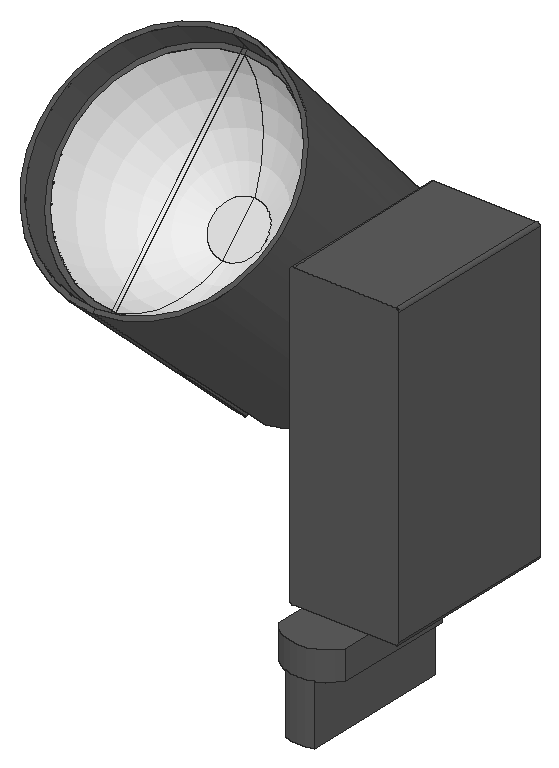
Revit family "0004953 Feilo Sylvania Lighting Fixture START TRACK SPOT L DALI 4897LM 940 MB BLK", category Lighting Fixtures, host Face, Revit 2017 (continued)
Definition of nested family "Start Track Spot Head"
  Types (96, lengths in mm): name | Wattage | built-in parameter 1150134 | Photometric Web File | Model | built-in parameter 1150105 | Lumens | built-in parameter 1150107 | built-in parameter 1150106 | HeadThickness_FEILO | HeadRibOffset_FEILO | HeadRibDepth_FEILO | HeadRibCutWidth_FEILO | HeadRibCutOffset_FEILO | HeadReflectorRadius_FEILO | HeadReflectorOffset_FEILO | HeadLEDRadius_FEILO | HeadHeight_FEILO | HeadDiffusorOffset_FEILO | HeadDiaOut_FEILO | HeadDiaIn_FEILO | HeadAxisFromTop_FEILO | Emit from Circle Diameter | built-in parameter 1150104 | Description | Apparent Load
    0004864 START TRACK SPOT S 24W 3K RA90 WB WHITE | 24 W | (empty or 0) | "0004864.ies" | "START TRACK SPOT S 24W 3K RA90 WB WHITE" | 152.79 (stored number, unit not read) | 1920 lm | 3000 (stored number, unit not read) | 1.5279 (stored number, unit not read) | 1.5 | 4.179 | 55.714 | 7.167 | 50.87 | 50.588 | 55.714 | 9.556 | 117 | 9.435 | 86 | 77.477 | 69.354 | 77.477 | 7.4322 (stored number, unit not read) | "Integrated LED spotlight, Textured White - RAL9016, compact and minimalist design, ideal for retail applications, die-cast aluminium body, passive cooling heatsink. Beam angle: 64°, color temperature: 3000K , total system power: 24W, total fixture output: 1928 lm, LOR: 100%, colour rendering: Ra: 90 typical, LED Chromaticity: 3 step MacAdam ellipse, lifetime: >50000 hours at L70B50, energy class: A++, A+, A, IR/UV free light source without heat radiation, operating voltage: 220-240V / 50-60Hz, drive current: 600mA, electronic driver, non-dimmable, power factor: 0.95, electrical protection: Class II, Global Track 3 Phase adapter suitable for Global trac 3-circuit tracks, ingress protection rating: IP20, suitable for internal environment only, horizontal rotation: 355°, vertical tilt: 90°, dimensions: Ø86x140x200, weight: 0.966kg." | 24 VA
    0004863 START TRACK SPOT S 24W 3K RA90 MB WHITE | 24 W | (empty or 0) | "0004863.ies" | "START TRACK SPOT S 24W 3K RA90 MB WHITE" | 154.7 (stored number, unit not read) | 1944 lm | 3000 (stored number, unit not read) | 1.547 (stored number, unit not read) | 1.5 | 4.179 | 55.714 | 7.167 | 50.87 | 50.588 | 55.714 | 9.556 | 117 | 9.435 | 86 | 77.477 | 69.354 | 77.477 | 7.5251 (stored number, unit not read) | "Integrated LED spotlight, Textured White - RAL9016, compact and minimalist design, ideal for retail applications, die-cast aluminium body, passive cooling heatsink. Beam angle: 36°, color temperature: 3000K , total system power: 24W, total fixture output: 1944 lm, LOR: 100%, colour rendering: Ra: 90 typical, LED Chromaticity: 3 step MacAdam ellipse, lifetime: >50000 hours at L70B50, energy class: A++, A+, A, IR/UV free light source without heat radiation, operating voltage: 220-240V / 50-60Hz, drive current: 600mA, electronic driver, non-dimmable, power factor: 0.95, electrical protection: Class II, Global Track 3 Phase adapter suitable for Global trac 3-circuit tracks, ingress protection rating: IP20, suitable for internal environment only, horizontal rotation: 355°, vertical tilt: 90°, dimensions: Ø86x140x200, weight: 0.966kg." | 24 VA
    0004862 START TRACK SPOT S 24W 3K RA90 NB WHITE | 24 W | (empty or 0) | "0004862.ies" | "START TRACK SPOT S 24W 3K RA90 NB WHITE" | 158.52 (stored number, unit not read) | 1992 lm | 3000 (stored number, unit not read) | 1.5852 (stored number, unit not read) | 1.5 | 4.179 | 55.714 | 7.167 | 50.87 | 50.588 | 55.714 | 9.556 | 117 | 9.435 | 86 | 77.477 | 69.354 | 77.477 | 7.711 (stored number, unit not read) | "Integrated LED spotlight, Textured White - RAL9016, compact and minimalist design, ideal for retail applications, die-cast aluminium body, passive cooling heatsink. Beam angle: 12°, color temperature: 3000K , total system power: 24W, total fixture output: 1987 lm, LOR: 100%, colour rendering: Ra: 90 typical, LED Chromaticity: 3 step MacAdam ellipse, lifetime: >50000 hours at L70B50, energy class: A++, A+, A, IR/UV free light source without heat radiation, operating voltage: 220-240V / 50-60Hz, drive current: 600mA, electronic driver, non-dimmable, power factor: 0.95, electrical protection: Class II, Global Track 3 Phase adapter suitable for Global trac 3-circuit tracks, ingress protection rating: IP20, suitable for internal environment only, horizontal rotation: 355°, vertical tilt: 90°, dimensions: Ø86x140x200, weight: 0.966kg." | 24 VA
    0004861 START TRACK SPOT S 14W 3K RA90 WB WHITE | 14 W | (empty or 0) | "0004861.ies" | "START TRACK SPOT S 14W 3K RA90 WB WHITE" | 100.27 (stored number, unit not read) | 1260 lm | 3000 (stored number, unit not read) | 1.0027 (stored number, unit not read) | 1.5 | 4.179 | 55.714 | 7.167 | 50.87 | 50.588 | 55.714 | 9.556 | 117 | 9.435 | 86 | 77.477 | 69.354 | 77.477 | 8.3613 (stored number, unit not read) | "Integrated LED spotlight, Textured White - RAL9016, compact and minimalist design, ideal for retail applications, die-cast aluminium body, passive cooling heatsink. Beam angle: 64°, color temperature: 3000K , total system power: 14W, total fixture output: 1262 lm, LOR: 100%, colour rendering: Ra: 90 typical, LED Chromaticity: 3 step MacAdam ellipse, lifetime: >50000 hours at L70B50, energy class: A++, A+, A, IR/UV free light source without heat radiation, operating voltage: 220-240V / 50-60Hz, drive current: 350mA, electronic driver, non-dimmable, power factor: 0.92, electrical protection: Class II, Global Track 3 Phase adapter suitable for Global trac 3-circuit tracks, ingress protection rating: IP20, suitable for internal environment only, horizontal rotation: 355°, vertical tilt: 90°, dimensions: Ø86x140x200, weight: 0.940kg." | 14 VA
    0004860 START TRACK SPOT S 14W 3K RA90 MB WHITE | 14 W | (empty or 0) | "0004860.ies" | "START TRACK SPOT S 14W 3K RA90 MB WHITE" | 100.27 (stored number, unit not read) | 1260 lm | 3000 (stored number, unit not read) | 1.0027 (stored number, unit not read) | 1.5 | 4.179 | 55.714 | 7.167 | 50.87 | 50.588 | 55.714 | 9.556 | 117 | 9.435 | 86 | 77.477 | 69.354 | 77.477 | 8.3613 (stored number, unit not read) | "Integrated LED spotlight, Textured White - RAL9016, compact and minimalist design, ideal for retail applications, die-cast aluminium body, passive cooling heatsink. Beam angle: 36°, color temperature: 3000K , total system power: 14W, total fixture output: 1262 lm, LOR: 100%, colour rendering: Ra: 90 typical, LED Chromaticity: 3 step MacAdam ellipse, lifetime: >50000 hours at L70B50, energy class: A++, A+, A, IR/UV free light source without heat radiation, operating voltage: 220-240V / 50-60Hz, drive current: 350mA, electronic driver, non-dimmable, power factor: 0.92, electrical protection: Class II, Global Track 3 Phase adapter suitable for Global trac 3-circuit tracks, ingress protection rating: IP20, suitable for internal environment only, horizontal rotation: 355°, vertical tilt: 90°, dimensions: Ø86x140x200, weight: 0.940kg." | 14 VA
    0004859 START TRACK SPOT S 14W 3K RA90 NB WHITE | 14 W | (empty or 0) | "0004859.ies" | "START TRACK SPOT S 14W 3K RA90 NB WHITE" | 102.5 (stored number, unit not read) | 1288 lm | 3000 (stored number, unit not read) | 1.025 (stored number, unit not read) | 1.5 | 4.179 | 55.714 | 7.167 | 50.87 | 50.588 | 55.714 | 9.556 | 117 | 9.435 | 86 | 77.477 | 69.354 | 77.477 | 8.5471 (stored number, unit not read) | "Integrated LED spotlight, Textured White - RAL9016, compact and minimalist design, ideal for retail applications, die-cast aluminium body, passive cooling heatsink. Beam angle: 12°, color temperature: 3000K , total system power: 14W, total fixture output: 1284 lm, LOR: 100%, colour rendering: Ra: 90 typical, LED Chromaticity: 3 step MacAdam ellipse, lifetime: >50000 hours at L70B50, energy class: A++, A+, A, IR/UV free light source without heat radiation, operating voltage: 220-240V / 50-60Hz, drive current: 350mA, electronic driver, non-dimmable, power factor: 0.92, electrical protection: Class II, Global Track 3 Phase adapter suitable for Global trac 3-circuit tracks, ingress protection rating: IP20, suitable for internal environment only, horizontal rotation: 355°, vertical tilt: 90°, dimensions: Ø86x140x200, weight: 0.940kg." | 14 VA
    0004858 START TRACK SPOT L 55W 4K RA80 WB BLACK | 55 W | 12 | "0004858.ies" | "START TRACK SPOT L 55W 4K RA80 WB BLACK" | 424.55 (stored number, unit not read) | 5335 lm | 4000 (stored number, unit not read) | 4.2455 (stored number, unit not read) | 2 | 4.429 | 59.048 | 9.417 | 53.913 | 66.471 | 59.048 | 12.556 | 124 | 10 | 113 | 101.802 | 73.503 | 101.802 | 9.0116 (stored number, unit not read) | "Integrated LED spotlight, Textured Black - RAL9005, compact and minimalist design, ideal for retail applications, die-cast aluminium body, passive cooling heatsink. Beam angle: 52°, color temperature: 4000K , total system power: 55W, total fixture output: 5320 lm, LOR: 100%, colour rendering: Ra: 80 typical, LED Chromaticity: 3 step MacAdam ellipse, lifetime: >50000 hours at L70B50, energy class: A++, A+, A, IR/UV free light source without heat radiation, operating voltage: 220-240V / 50-60Hz, drive current: 1400mA, electronic driver, non-dimmable, power factor: 0.96, electrical protection: Class II, Global Track 3 Phase adapter suitable for Global trac 3-circuit tracks, ingress protection rating: IP20, suitable for internal environment only, horizontal rotation: 355°, vertical tilt: 90°, dimensions: Ø113x164x240, weight: 1.398kg." | 55 VA
    0004857 START TRACK SPOT L 55W 4K RA80 MB BLACK | 55 W | 12 | "0004857.ies" | "START TRACK SPOT L 55W 4K RA80 MB BLACK" | 428.92 (stored number, unit not read) | 5390 lm | 4000 (stored number, unit not read) | 4.2892 (stored number, unit not read) | 2 | 4.429 | 59.048 | 9.417 | 53.913 | 66.471 | 59.048 | 12.556 | 124 | 10 | 113 | 101.802 | 73.503 | 101.802 | 9.1045 (stored number, unit not read) | "Integrated LED spotlight, Textured Black - RAL9005, compact and minimalist design, ideal for retail applications, die-cast aluminium body, passive cooling heatsink. Beam angle: 38°, color temperature: 4000K , total system power: 55W, total fixture output: 5378 lm, LOR: 100%, colour rendering: Ra: 80 typical, LED Chromaticity: 3 step MacAdam ellipse, lifetime: >50000 hours at L70B50, energy class: A++, A+, A, IR/UV free light source without heat radiation, operating voltage: 220-240V / 50-60Hz, drive current: 1400mA, electronic driver, non-dimmable, power factor: 0.96, electrical protection: Class II, Global Track 3 Phase adapter suitable for Global trac 3-circuit tracks, ingress protection rating: IP20, suitable for internal environment only, horizontal rotation: 355°, vertical tilt: 90°, dimensions: Ø113x164x240, weight: 1.398kg." | 55 VA
    0004856 START TRACK SPOT L 55W 4K RA80 NB BLACK | 55 W | 12 | "0004856.ies" | "START TRACK SPOT L 55W 4K RA80 NB BLACK" | 433.3 (stored number, unit not read) | 5445 lm | 4000 (stored number, unit not read) | 4.333 (stored number, unit not read) | 2 | 4.429 | 59.048 | 9.417 | 53.913 | 66.471 | 59.048 | 12.556 | 124 | 10 | 113 | 101.802 | 73.503 | 101.802 | 9.1974 (stored number, unit not read) | "Integrated LED spotlight, Textured Black - RAL9005, compact and minimalist design, ideal for retail applications, die-cast aluminium body, passive cooling heatsink. Beam angle: 15°, color temperature: 4000K , total system power: 55W, total fixture output: 5426 lm, LOR: 100%, colour rendering: Ra: 80 typical, LED Chromaticity: 3 step MacAdam ellipse, lifetime: >50000 hours at L70B50, energy class: A++, A+, A, IR/UV free light source without heat radiation, operating voltage: 220-240V / 50-60Hz, drive current: 1400mA, electronic driver, non-dimmable, power factor: 0.96, electrical protection: Class II, Global Track 3 Phase adapter suitable for Global trac 3-circuit tracks, ingress protection rating: IP20, suitable for internal environment only, horizontal rotation: 355°, vertical tilt: 90°, dimensions: Ø113x164x240, weight: 1.398kg." | 55 VA
    0004855 START TRACK SPOT L 35W 4K RA80 WB BLACK | 35 W | 12 | "0004855.ies" | "START TRACK SPOT L 35W 4K RA80 WB BLACK" | 320.3 (stored number, unit not read) | 4025 lm | 4000 (stored number, unit not read) | 3.203 (stored number, unit not read) | 2 | 4.429 | 59.048 | 9.417 | 53.913 | 66.471 | 59.048 | 12.556 | 124 | 10 | 113 | 101.802 | 73.503 | 101.802 | 10.684 (stored number, unit not read) | "Integrated LED spotlight, Textured Black - RAL9005, compact and minimalist design, ideal for retail applications, die-cast aluminium body, passive cooling heatsink. Beam angle: 52°, color temperature: 4000K , total system power: 35W, total fixture output: 4010 lm, LOR: 100%, colour rendering: Ra: 80 typical, LED Chromaticity: 3 step MacAdam ellipse, lifetime: >50000 hours at L70B50, energy class: A++, A+, A, IR/UV free light source without heat radiation, operating voltage: 220-240V / 50-60Hz, drive current: 900mA, electronic driver, non-dimmable, power factor: 0.93, electrical protection: Class II, Global Track 3 Phase adapter suitable for Global trac 3-circuit tracks, ingress protection rating: IP20, suitable for internal environment only, horizontal rotation: 355°, vertical tilt: 90°, dimensions: Ø113x164x240, weight: 1.368kg." | 35 VA
    0004854 START TRACK SPOT L 35W 4K RA80 MB BLACK | 35 W | 12 | "0004854.ies" | "START TRACK SPOT L 35W 4K RA80 MB BLACK" | 320.3 (stored number, unit not read) | 4025 lm | 4000 (stored number, unit not read) | 3.203 (stored number, unit not read) | 2 | 4.429 | 59.048 | 9.417 | 53.913 | 66.471 | 59.048 | 12.556 | 124 | 10 | 113 | 101.802 | 73.503 | 101.802 | 10.684 (stored number, unit not read) | "Integrated LED spotlight, Textured Black - RAL9005, compact and minimalist design, ideal for retail applications, die-cast aluminium body, passive cooling heatsink. Beam angle: 38°, color temperature: 4000K , total system power: 35W, total fixture output: 4017 lm, LOR: 100%, colour rendering: Ra: 80 typical, LED Chromaticity: 3 step MacAdam ellipse, lifetime: >50000 hours at L70B50, energy class: A++, A+, A, IR/UV free light source without heat radiation, operating voltage: 220-240V / 50-60Hz, drive current: 900mA, electronic driver, non-dimmable, power factor: 0.93, electrical protection: Class II, Global Track 3 Phase adapter suitable for Global trac 3-circuit tracks, ingress protection rating: IP20, suitable for internal environment only, horizontal rotation: 355°, vertical tilt: 90°, dimensions: Ø113x164x240, weight: 1.368kg." | 35 VA
    0004853 START TRACK SPOT L 35W 4K RA80 NB BLACK | 35 W | 12 | "0004853.ies" | "START TRACK SPOT L 35W 4K RA80 NB BLACK" | 331.44 (stored number, unit not read) | 4165 lm | 4000 (stored number, unit not read) | 3.3144 (stored number, unit not read) | 2 | 4.429 | 59.048 | 9.417 | 53.913 | 66.471 | 59.048 | 12.556 | 124 | 10 | 113 | 101.802 | 73.503 | 101.802 | 11.055 (stored number, unit not read) | "Integrated LED spotlight, Textured Black - RAL9005, compact and minimalist design, ideal for retail applications, die-cast aluminium body, passive cooling heatsink. Beam angle: 15°, color temperature: 4000K , total system power: 35W, total fixture output: 4174 lm, LOR: 100%, colour rendering: Ra: 80 typical, LED Chromaticity: 3 step MacAdam ellipse, lifetime: >50000 hours at L70B50, energy class: A++, A+, A, IR/UV free light source without heat radiation, operating voltage: 220-240V / 50-60Hz, drive current: 900mA, electronic driver, non-dimmable, power factor: 0.93, electrical protection: Class II, Global Track 3 Phase adapter suitable for Global trac 3-circuit tracks, ingress protection rating: IP20, suitable for internal environment only, horizontal rotation: 355°, vertical tilt: 90°, dimensions: Ø113x164x240, weight: 1.368kg." | 35 VA
    0004852 START TRACK SPOT S 24W 4K RA80 WB BLACK | 24 W | 12 | "0004852.ies" | "START TRACK SPOT S 24W 4K RA80 WB BLACK" | 196.72 (stored number, unit not read) | 2472 lm | 4000 (stored number, unit not read) | 1.9672 (stored number, unit not read) | 1.5 | 4.179 | 55.714 | 7.167 | 50.87 | 50.588 | 55.714 | 9.556 | 117 | 9.435 | 86 | 77.477 | 69.354 | 77.477 | 9.569 (stored number, unit not read) | "Integrated LED spotlight, Textured Black - RAL9005, compact and minimalist design, ideal for retail applications, die-cast aluminium body, passive cooling heatsink. Beam angle: 64°, color temperature: 4000K , total system power: 24W, total fixture output: 2476 lm, LOR: 100%, colour rendering: Ra: 80 typical, LED Chromaticity: 3 step MacAdam ellipse, lifetime: >50000 hours at L70B50, energy class: A++, A+, A, IR/UV free light source without heat radiation, operating voltage: 220-240V / 50-60Hz, drive current: 600mA, electronic driver, non-dimmable, power factor: 0.95, electrical protection: Class II, Global Track 3 Phase adapter suitable for Global trac 3-circuit tracks, ingress protection rating: IP20, suitable for internal environment only, horizontal rotation: 355°, vertical tilt: 90°, dimensions: Ø86x140x200, weight: 0.966kg." | 24 VA
    0004851 START TRACK SPOT S 24W 4K RA80 MB BLACK | 24 W | 12 | "0004851.ies" | "START TRACK SPOT S 24W 4K RA80 MB BLACK" | 198.63 (stored number, unit not read) | 2496 lm | 4000 (stored number, unit not read) | 1.9863 (stored number, unit not read) | 1.5 | 4.179 | 55.714 | 7.167 | 50.87 | 50.588 | 55.714 | 9.556 | 117 | 9.435 | 86 | 77.477 | 69.354 | 77.477 | 9.6619 (stored number, unit not read) | "Integrated LED spotlight, Textured Black - RAL9005, compact and minimalist design, ideal for retail applications, die-cast aluminium body, passive cooling heatsink. Beam angle: 36°, color temperature: 4000K , total system power: 24W, total fixture output: 2487 lm, LOR: 100%, colour rendering: Ra: 80 typical, LED Chromaticity: 3 step MacAdam ellipse, lifetime: >50000 hours at L70B50, energy class: A++, A+, A, IR/UV free light source without heat radiation, operating voltage: 220-240V / 50-60Hz, drive current: 600mA, electronic driver, non-dimmable, power factor: 0.95, electrical protection: Class II, Global Track 3 Phase adapter suitable for Global trac 3-circuit tracks, ingress protection rating: IP20, suitable for internal environment only, horizontal rotation: 355°, vertical tilt: 90°, dimensions: Ø86x140x200, weight: 0.966kg." | 24 VA
    0004850 START TRACK SPOT S 24W 4K RA80 NB BLACK | 24 W | 12 | "0004850.ies" | "START TRACK SPOT S 24W 4K RA80 NB BLACK" | 200.54 (stored number, unit not read) | 2520 lm | 4000 (stored number, unit not read) | 2.0054 (stored number, unit not read) | 1.5 | 4.179 | 55.714 | 7.167 | 50.87 | 50.588 | 55.714 | 9.556 | 117 | 9.435 | 86 | 77.477 | 69.354 | 77.477 | 9.7548 (stored number, unit not read) | "Integrated LED spotlight, Textured Black - RAL9005, compact and minimalist design, ideal for retail applications, die-cast aluminium body, passive cooling heatsink. Beam angle: 12°, color temperature: 4000K , total system power: 24W, total fixture output: 2529 lm, LOR: 100%, colour rendering: Ra: 80 typical, LED Chromaticity: 3 step MacAdam ellipse, lifetime: >50000 hours at L70B50, energy class: A++, A+, A, IR/UV free light source without heat radiation, operating voltage: 220-240V / 50-60Hz, drive current: 600mA, electronic driver, non-dimmable, power factor: 0.95, electrical protection: Class II, Global Track 3 Phase adapter suitable for Global trac 3-circuit tracks, ingress protection rating: IP20, suitable for internal environment only, horizontal rotation: 355°, vertical tilt: 90°, dimensions: Ø86x140x200, weight: 0.966kg." | 24 VA
    0004849 START TRACK SPOT S 14W 4K RA80 WB BLACK | 14 W | 12 | "0004849.ies" | "START TRACK SPOT S 14W 4K RA80 WB BLACK" | 123.66 (stored number, unit not read) | 1554 lm | 4000 (stored number, unit not read) | 1.2366 (stored number, unit not read) | 1.5 | 4.179 | 55.714 | 7.167 | 50.87 | 50.588 | 55.714 | 9.556 | 117 | 9.435 | 86 | 77.477 | 69.354 | 77.477 | 10.312 (stored number, unit not read) | "Integrated LED spotlight, Textured Black - RAL9005, compact and minimalist design, ideal for retail applications, die-cast aluminium body, passive cooling heatsink. Beam angle: 64°, color temperature: 4000K , total system power: 14W, total fixture output: 1558 lm, LOR: 100%, colour rendering: Ra: 80 typical, LED Chromaticity: 3 step MacAdam ellipse, lifetime: >50000 hours at L70B50, energy class: A++, A+, A, IR/UV free light source without heat radiation, operating voltage: 220-240V / 50-60Hz, drive current: 350mA, electronic driver, non-dimmable, power factor: 0.92, electrical protection: Class II, Global Track 3 Phase adapter suitable for Global trac 3-circuit tracks, ingress protection rating: IP20, suitable for internal environment only, horizontal rotation: 355°, vertical tilt: 90°, dimensions: Ø86x140x200, weight: 0.940kg." | 14 VA
    0004848 START TRACK SPOT S 14W 4K RA80 MB BLACK | 14 W | 12 | "0004848.ies" | "START TRACK SPOT S 14W 4K RA80 MB BLACK" | 127.01 (stored number, unit not read) | 1596 lm | 4000 (stored number, unit not read) | 1.2701 (stored number, unit not read) | 1.5 | 4.179 | 55.714 | 7.167 | 50.87 | 50.588 | 55.714 | 9.556 | 117 | 9.435 | 86 | 77.477 | 69.354 | 77.477 | 10.591 (stored number, unit not read) | "Integrated LED spotlight, Textured Black - RAL9005, compact and minimalist design, ideal for retail applications, die-cast aluminium body, passive cooling heatsink. Beam angle: 36°, color temperature: 4000K , total system power: 14W, total fixture output: 1598 lm, LOR: 100%, colour rendering: Ra: 80 typical, LED Chromaticity: 3 step MacAdam ellipse, lifetime: >50000 hours at L70B50, energy class: A++, A+, A, IR/UV free light source without heat radiation, operating voltage: 220-240V / 50-60Hz, drive current: 350mA, electronic driver, non-dimmable, power factor: 0.92, electrical protection: Class II, Global Track 3 Phase adapter suitable for Global trac 3-circuit tracks, ingress protection rating: IP20, suitable for internal environment only, horizontal rotation: 355°, vertical tilt: 90°, dimensions: Ø86x140x200, weight: 0.940kg." | 14 VA
    0004847 START TRACK SPOT S 14W 4K RA80 NB BLACK | 14 W | 12 | "0004847.ies" | "START TRACK SPOT S 14W 4K RA80 NB BLACK" | 128.12 (stored number, unit not read) | 1610 lm | 4000 (stored number, unit not read) | 1.2812 (stored number, unit not read) | 1.5 | 4.179 | 55.714 | 7.167 | 50.87 | 50.588 | 55.714 | 9.556 | 117 | 9.435 | 86 | 77.477 | 69.354 | 77.477 | 10.684 (stored number, unit not read) | "Integrated LED spotlight, Textured Black - RAL9005, compact and minimalist design, ideal for retail applications, die-cast aluminium body, passive cooling heatsink. Beam angle: 12°, color temperature: 4000K , total system power: 14W, total fixture output: 1608 lm, LOR: 100%, colour rendering: Ra: 80 typical, LED Chromaticity: 3 step MacAdam ellipse, lifetime: >50000 hours at L70B50, energy class: A++, A+, A, IR/UV free light source without heat radiation, operating voltage: 220-240V / 50-60Hz, drive current: 350mA, electronic driver, non-dimmable, power factor: 0.92, electrical protection: Class II, Global Track 3 Phase adapter suitable for Global trac 3-circuit tracks, ingress protection rating: IP20, suitable for internal environment only, horizontal rotation: 355°, vertical tilt: 90°, dimensions: Ø86x140x200, weight: 0.940kg." | 14 VA
    0004846 START TRACK SPOT L 55W 3K RA80 WB BLACK | 55 W | (empty or 0) | "0004846.ies" | "START TRACK SPOT L 55W 3K RA80 WB BLACK" | 420.17 (stored number, unit not read) | 5280 lm | 3000 (stored number, unit not read) | 4.2017 (stored number, unit not read) | 2 | 4.429 | 59.048 | 9.417 | 53.913 | 66.471 | 59.048 | 12.556 | 124 | 10 | 113 | 101.802 | 73.503 | 101.802 | 8.9187 (stored number, unit not read) | "Integrated LED spotlight, Textured Black - RAL9005, compact and minimalist design, ideal for retail applications, die-cast aluminium body, passive cooling heatsink. Beam angle: 52°, color temperature: 3000K , total system power: 55W, total fixture output: 5298 lm, LOR: 100%, colour rendering: Ra: 80 typical, LED Chromaticity: 3 step MacAdam ellipse, lifetime: >50000 hours at L70B50, energy class: A++, A+, A, IR/UV free light source without heat radiation, operating voltage: 220-240V / 50-60Hz, drive current: 1400mA, electronic driver, non-dimmable, power factor: 0.96, electrical protection: Class II, Global Track 3 Phase adapter suitable for Global trac 3-circuit tracks, ingress protection rating: IP20, suitable for internal environment only, horizontal rotation: 355°, vertical tilt: 90°, dimensions: Ø113x164x240, weight: 1.398kg." | 55 VA
    0004845 START TRACK SPOT L 55W 3K RA80 MB BLACK | 55 W | (empty or 0) | "0004845.ies" | "START TRACK SPOT L 55W 3K RA80 MB BLACK" | 428.92 (stored number, unit not read) | 5390 lm | 3000 (stored number, unit not read) | 4.2892 (stored number, unit not read) | 2 | 4.429 | 59.048 | 9.417 | 53.913 | 66.471 | 59.048 | 12.556 | 124 | 10 | 113 | 101.802 | 73.503 | 101.802 | 9.1045 (stored number, unit not read) | "Integrated LED spotlight, Textured Black - RAL9005, compact and minimalist design, ideal for retail applications, die-cast aluminium body, passive cooling heatsink. Beam angle: 38°, color temperature: 3000K , total system power: 55W, total fixture output: 5381 lm, LOR: 100%, colour rendering: Ra: 80 typical, LED Chromaticity: 3 step MacAdam ellipse, lifetime: >50000 hours at L70B50, energy class: A++, A+, A, IR/UV free light source without heat radiation, operating voltage: 220-240V / 50-60Hz, drive current: 1400mA, electronic driver, non-dimmable, power factor: 0.96, electrical protection: Class II, Global Track 3 Phase adapter suitable for Global trac 3-circuit tracks, ingress protection rating: IP20, suitable for internal environment only, horizontal rotation: 355°, vertical tilt: 90°, dimensions: Ø113x164x240, weight: 1.398kg." | 55 VA
    0004844 START TRACK SPOT L 55W 3K RA80 NB BLACK | 55 W | (empty or 0) | "0004844.ies" | "START TRACK SPOT L 55W 3K RA80 NB BLACK" | 433.3 (stored number, unit not read) | 5445 lm | 3000 (stored number, unit not read) | 4.333 (stored number, unit not read) | 2 | 4.429 | 59.048 | 9.417 | 53.913 | 66.471 | 59.048 | 12.556 | 124 | 10 | 113 | 101.802 | 73.503 | 101.802 | 9.1974 (stored number, unit not read) | "Integrated LED spotlight, Textured Black - RAL9005, compact and minimalist design, ideal for retail applications, die-cast aluminium body, passive cooling heatsink. Beam angle: 15°, color temperature: 3000K , total system power: 55W, total fixture output: 5449 lm, LOR: 100%, colour rendering: Ra: 80 typical, LED Chromaticity: 3 step MacAdam ellipse, lifetime: >50000 hours at L70B50, energy class: A++, A+, A, IR/UV free light source without heat radiation, operating voltage: 220-240V / 50-60Hz, drive current: 1400mA, electronic driver, non-dimmable, power factor: 0.96, electrical protection: Class II, Global Track 3 Phase adapter suitable for Global trac 3-circuit tracks, ingress protection rating: IP20, suitable for internal environment only, horizontal rotation: 355°, vertical tilt: 90°, dimensions: Ø113x164x240, weight: 1.398kg." | 55 VA
    0004843 START TRACK SPOT L 35W 3K RA80 WB BLACK | 35 W | (empty or 0) | "0004843.ies" | "START TRACK SPOT L 35W 3K RA80 WB BLACK" | 314.73 (stored number, unit not read) | 3955 lm | 3000 (stored number, unit not read) | 3.1473 (stored number, unit not read) | 2 | 4.429 | 59.048 | 9.417 | 53.913 | 66.471 | 59.048 | 12.556 | 124 | 10 | 113 | 101.802 | 73.503 | 101.802 | 10.498 (stored number, unit not read) | "Integrated LED spotlight, Textured Black - RAL9005, compact and minimalist design, ideal for retail applications, die-cast aluminium body, passive cooling heatsink. Beam angle: 52°, color temperature: 3000K , total system power: 35W, total fixture output: 3943 lm, LOR: 100%, colour rendering: Ra: 80 typical, LED Chromaticity: 3 step MacAdam ellipse, lifetime: >50000 hours at L70B50, energy class: A++, A+, A, IR/UV free light source without heat radiation, operating voltage: 220-240V / 50-60Hz, drive current: 900mA, electronic driver, non-dimmable, power factor: 0.93, electrical protection: Class II, Global Track 3 Phase adapter suitable for Global trac 3-circuit tracks, ingress protection rating: IP20, suitable for internal environment only, horizontal rotation: 355°, vertical tilt: 90°, dimensions: Ø113x164x240, weight: 1.368kg." | 35 VA
    0004842 START TRACK SPOT L 35W 3K RA80 MB BLACK | 35 W | (empty or 0) | "0004842.ies" | "START TRACK SPOT L 35W 3K RA80 MB BLACK" | 320.3 (stored number, unit not read) | 4025 lm | 3000 (stored number, unit not read) | 3.203 (stored number, unit not read) | 2 | 4.429 | 59.048 | 9.417 | 53.913 | 66.471 | 59.048 | 12.556 | 124 | 10 | 113 | 101.802 | 73.503 | 101.802 | 10.684 (stored number, unit not read) | "Integrated LED spotlight, Textured Black - RAL9005, compact and minimalist design, ideal for retail applications, die-cast aluminium body, passive cooling heatsink. Beam angle: 38°, color temperature: 3000K , total system power: 35W, total fixture output: 4008 lm, LOR: 100%, colour rendering: Ra: 80 typical, LED Chromaticity: 3 step MacAdam ellipse, lifetime: >50000 hours at L70B50, energy class: A++, A+, A, IR/UV free light source without heat radiation, operating voltage: 220-240V / 50-60Hz, drive current: 900mA, electronic driver, non-dimmable, power factor: 0.93, electrical protection: Class II, Global Track 3 Phase adapter suitable for Global trac 3-circuit tracks, ingress protection rating: IP20, suitable for internal environment only, horizontal rotation: 355°, vertical tilt: 90°, dimensions: Ø113x164x240, weight: 1.368kg." | 35 VA
    0004841 START TRACK SPOT L 35W 3K RA80 NB BLACK | 35 W | (empty or 0) | "0004841.ies" | "START TRACK SPOT L 35W 3K RA80 NB BLACK" | 317.51 (stored number, unit not read) | 3990 lm | 3000 (stored number, unit not read) | 3.1751 (stored number, unit not read) | 2 | 4.429 | 59.048 | 9.417 | 53.913 | 66.471 | 59.048 | 12.556 | 124 | 10 | 113 | 101.802 | 73.503 | 101.802 | 10.591 (stored number, unit not read) | "Integrated LED spotlight, Textured Black - RAL9005, compact and minimalist design, ideal for retail applications, die-cast aluminium body, passive cooling heatsink. Beam angle: 15°, color temperature: 3000K , total system power: 35W, total fixture output: 4005 lm, LOR: 100%, colour rendering: Ra: 80 typical, LED Chromaticity: 3 step MacAdam ellipse, lifetime: >50000 hours at L70B50, energy class: A++, A+, A, IR/UV free light source without heat radiation, operating voltage: 220-240V / 50-60Hz, drive current: 900mA, electronic driver, non-dimmable, power factor: 0.93, electrical protection: Class II, Global Track 3 Phase adapter suitable for Global trac 3-circuit tracks, ingress protection rating: IP20, suitable for internal environment only, horizontal rotation: 355°, vertical tilt: 90°, dimensions: Ø113x164x240, weight: 1.368kg." | 35 VA
    0004840 START TRACK SPOT S 24W 3K RA80 WB BLACK | 24 W | (empty or 0) | "0004840.ies" | "START TRACK SPOT S 24W 3K RA80 WB BLACK" | 185.26 (stored number, unit not read) | 2328 lm | 3000 (stored number, unit not read) | 1.8526 (stored number, unit not read) | 1.5 | 4.179 | 55.714 | 7.167 | 50.87 | 50.588 | 55.714 | 9.556 | 117 | 9.435 | 86 | 77.477 | 69.354 | 77.477 | 9.0116 (stored number, unit not read) | "Integrated LED spotlight, Textured Black - RAL9005, compact and minimalist design, ideal for retail applications, die-cast aluminium body, passive cooling heatsink. Beam angle: 64°, color temperature: 3000K , total system power: 24W, total fixture output: 2318 lm, LOR: 100%, colour rendering: Ra: 80 typical, LED Chromaticity: 3 step MacAdam ellipse, lifetime: >50000 hours at L70B50, energy class: A++, A+, A, IR/UV free light source without heat radiation, operating voltage: 220-240V / 50-60Hz, drive current: 600mA, electronic driver, non-dimmable, power factor: 0.95, electrical protection: Class II, Global Track 3 Phase adapter suitable for Global trac 3-circuit tracks, ingress protection rating: IP20, suitable for internal environment only, horizontal rotation: 355°, vertical tilt: 90°, dimensions: Ø86x140x200, weight: 0.966kg." | 24 VA
    0004839 START TRACK SPOT S 24W 3K RA80 MB BLACK | 24 W | (empty or 0) | "0004839.ies" | "START TRACK SPOT S 24W 3K RA80 MB BLACK" | 183.35 (stored number, unit not read) | 2304 lm | 3000 (stored number, unit not read) | 1.8335 (stored number, unit not read) | 1.5 | 4.179 | 55.714 | 7.167 | 50.87 | 50.588 | 55.714 | 9.556 | 117 | 9.435 | 86 | 77.477 | 69.354 | 77.477 | 8.9187 (stored number, unit not read) | "Integrated LED spotlight, Textured Black - RAL9005, compact and minimalist design, ideal for retail applications, die-cast aluminium body, passive cooling heatsink. Beam angle: 36°, color temperature: 3000K , total system power: 24W, total fixture output: 2314 lm, LOR: 100%, colour rendering: Ra: 80 typical, LED Chromaticity: 3 step MacAdam ellipse, lifetime: >50000 hours at L70B50, energy class: A++, A+, A, IR/UV free light source without heat radiation, operating voltage: 220-240V / 50-60Hz, drive current: 600mA, electronic driver, non-dimmable, power factor: 0.95, electrical protection: Class II, Global Track 3 Phase adapter suitable for Global trac 3-circuit tracks, ingress protection rating: IP20, suitable for internal environment only, horizontal rotation: 355°, vertical tilt: 90°, dimensions: Ø86x140x200, weight: 0.966kg." | 24 VA
    0004838 START TRACK SPOT S 24W 3K RA80 NB BLACK | 24 W | (empty or 0) | "0004838.ies" | "START TRACK SPOT S 24W 3K RA80 NB BLACK" | 185.26 (stored number, unit not read) | 2328 lm | 3000 (stored number, unit not read) | 1.8526 (stored number, unit not read) | 1.5 | 4.179 | 55.714 | 7.167 | 50.87 | 50.588 | 55.714 | 9.556 | 117 | 9.435 | 86 | 77.477 | 69.354 | 77.477 | 9.0116 (stored number, unit not read) | "Integrated LED spotlight, Textured Black - RAL9005, compact and minimalist design, ideal for retail applications, die-cast aluminium body, passive cooling heatsink. Beam angle: 12°, color temperature: 3000K , total system power: 24W, total fixture output: 2334 lm, LOR: 100%, colour rendering: Ra: 80 typical, LED Chromaticity: 3 step MacAdam ellipse, lifetime: >50000 hours at L70B50, energy class: A++, A+, A, IR/UV free light source without heat radiation, operating voltage: 220-240V / 50-60Hz, drive current: 600mA, electronic driver, non-dimmable, power factor: 0.95, electrical protection: Class II, Global Track 3 Phase adapter suitable for Global trac 3-circuit tracks, ingress protection rating: IP20, suitable for internal environment only, horizontal rotation: 355°, vertical tilt: 90°, dimensions: Ø86x140x200, weight: 0.966kg." | 24 VA
    0004837 START TRACK SPOT S 14W 3K RA80 WB BLACK | 14 W | (empty or 0) | "0004837.ies" | "START TRACK SPOT S 14W 3K RA80 WB BLACK" | 119.21 (stored number, unit not read) | 1498 lm | 3000 (stored number, unit not read) | 1.1921 (stored number, unit not read) | 1.5 | 4.179 | 55.714 | 7.167 | 50.87 | 50.588 | 55.714 | 9.556 | 117 | 9.435 | 86 | 77.477 | 69.354 | 77.477 | 9.9406 (stored number, unit not read) | "Integrated LED spotlight, Textured Black - RAL9005, compact and minimalist design, ideal for retail applications, die-cast aluminium body, passive cooling heatsink. Beam angle: 64°, color temperature: 3000K , total system power: 14W, total fixture output: 1498 lm, LOR: 100%, colour rendering: Ra: 80 typical, LED Chromaticity: 3 step MacAdam ellipse, lifetime: >50000 hours at L70B50, energy class: A++, A+, A, IR/UV free light source without heat radiation, operating voltage: 220-240V / 50-60Hz, drive current: 350mA, electronic driver, non-dimmable, power factor: 0.92, electrical protection: Class II, Global Track 3 Phase adapter suitable for Global trac 3-circuit tracks, ingress protection rating: IP20, suitable for internal environment only, horizontal rotation: 355°, vertical tilt: 90°, dimensions: Ø86x140x200, weight: 0.940kg." | 14 VA
    0004836 START TRACK SPOT S 14W 3K RA80 MB BLACK | 14 W | (empty or 0) | "0004836.ies" | "START TRACK SPOT S 14W 3K RA80 MB BLACK" | 120.32 (stored number, unit not read) | 1512 lm | 3000 (stored number, unit not read) | 1.2032 (stored number, unit not read) | 1.5 | 4.179 | 55.714 | 7.167 | 50.87 | 50.588 | 55.714 | 9.556 | 117 | 9.435 | 86 | 77.477 | 69.354 | 77.477 | 10.034 (stored number, unit not read) | "Integrated LED spotlight, Textured Black - RAL9005, compact and minimalist design, ideal for retail applications, die-cast aluminium body, passive cooling heatsink. Beam angle: 36°, color temperature: 3000K , total system power: 14W, total fixture output: 1508 lm, LOR: 100%, colour rendering: Ra: 80 typical, LED Chromaticity: 3 step MacAdam ellipse, lifetime: >50000 hours at L70B50, energy class: A++, A+, A, IR/UV free light source without heat radiation, operating voltage: 220-240V / 50-60Hz, drive current: 350mA, electronic driver, non-dimmable, power factor: 0.92, electrical protection: Class II, Global Track 3 Phase adapter suitable for Global trac 3-circuit tracks, ingress protection rating: IP20, suitable for internal environment only, horizontal rotation: 355°, vertical tilt: 90°, dimensions: Ø86x140x200, weight: 0.940kg." | 14 VA
    0004835 START TRACK SPOT S 14W 3K RA80 NB BLACK | 14 W | (empty or 0) | "0004835.ies" | "START TRACK SPOT S 14W 3K RA80 NB BLACK" | 123.66 (stored number, unit not read) | 1554 lm | 3000 (stored number, unit not read) | 1.2366 (stored number, unit not read) | 1.5 | 4.179 | 55.714 | 7.167 | 50.87 | 50.588 | 55.714 | 9.556 | 117 | 9.435 | 86 | 77.477 | 69.354 | 77.477 | 10.312 (stored number, unit not read) | "Integrated LED spotlight, Textured Black - RAL9005, compact and minimalist design, ideal for retail applications, die-cast aluminium body, passive cooling heatsink. Beam angle: 12°, color temperature: 3000K , total system power: 14W, total fixture output: 1551 lm, LOR: 100%, colour rendering: Ra: 80 typical, LED Chromaticity: 3 step MacAdam ellipse, lifetime: >50000 hours at L70B50, energy class: A++, A+, A, IR/UV free light source without heat radiation, operating voltage: 220-240V / 50-60Hz, drive current: 350mA, electronic driver, non-dimmable, power factor: 0.92, electrical protection: Class II, Global Track 3 Phase adapter suitable for Global trac 3-circuit tracks, ingress protection rating: IP20, suitable for internal environment only, horizontal rotation: 355°, vertical tilt: 90°, dimensions: Ø86x140x200, weight: 0.940kg." | 14 VA
    0004834 START TRACK SPOT L 55W 4K RA80 WB WHITE | 55 W | 12 | "0004834.ies" | "START TRACK SPOT L 55W 4K RA80 WB WHITE" | 424.55 (stored number, unit not read) | 5335 lm | 4000 (stored number, unit not read) | 4.2455 (stored number, unit not read) | 2 | 4.429 | 59.048 | 9.417 | 53.913 | 66.471 | 59.048 | 12.556 | 124 | 10 | 113 | 101.802 | 73.503 | 101.802 | 9.0116 (stored number, unit not read) | "Integrated LED spotlight, Textured White - RAL9016, compact and minimalist design, ideal for retail applications, die-cast aluminium body, passive cooling heatsink. Beam angle: 52°, color temperature: 4000K , total system power: 55W, total fixture output: 5320 lm, LOR: 100%, colour rendering: Ra: 80 typical, LED Chromaticity: 3 step MacAdam ellipse, lifetime: >50000 hours at L70B50, energy class: A++, A+, A, IR/UV free light source without heat radiation, operating voltage: 220-240V / 50-60Hz, drive current: 1400mA, electronic driver, non-dimmable, power factor: 0.96, electrical protection: Class II, Global Track 3 Phase adapter suitable for Global trac 3-circuit tracks, ingress protection rating: IP20, suitable for internal environment only, horizontal rotation: 355°, vertical tilt: 90°, dimensions: Ø113x164x240, weight: 1.398kg." | 55 VA
    0004833 START TRACK SPOT L 55W 4K RA80 MB WHITE | 55 W | 12 | "0004833.ies" | "START TRACK SPOT L 55W 4K RA80 MB WHITE" | 428.92 (stored number, unit not read) | 5390 lm | 4000 (stored number, unit not read) | 4.2892 (stored number, unit not read) | 2 | 4.429 | 59.048 | 9.417 | 53.913 | 66.471 | 59.048 | 12.556 | 124 | 10 | 113 | 101.802 | 73.503 | 101.802 | 9.1045 (stored number, unit not read) | "Integrated LED spotlight, Textured White - RAL9016, compact and minimalist design, ideal for retail applications, die-cast aluminium body, passive cooling heatsink. Beam angle: 38°, color temperature: 4000K , total system power: 55W, total fixture output: 5378 lm, LOR: 100%, colour rendering: Ra: 80 typical, LED Chromaticity: 3 step MacAdam ellipse, lifetime: >50000 hours at L70B50, energy class: A++, A+, A, IR/UV free light source without heat radiation, operating voltage: 220-240V / 50-60Hz, drive current: 1400mA, electronic driver, non-dimmable, power factor: 0.96, electrical protection: Class II, Global Track 3 Phase adapter suitable for Global trac 3-circuit tracks, ingress protection rating: IP20, suitable for internal environment only, horizontal rotation: 355°, vertical tilt: 90°, dimensions: Ø113x164x240, weight: 1.398kg." | 55 VA
    0004832 START TRACK SPOT L 55W 4K RA80 NB WHITE | 55 W | 12 | "0004832.ies" | "START TRACK SPOT L 55W 4K RA80 NB WHITE" | 433.3 (stored number, unit not read) | 5445 lm | 4000 (stored number, unit not read) | 4.333 (stored number, unit not read) | 2 | 4.429 | 59.048 | 9.417 | 53.913 | 66.471 | 59.048 | 12.556 | 124 | 10 | 113 | 101.802 | 73.503 | 101.802 | 9.1974 (stored number, unit not read) | "Integrated LED spotlight, Textured White - RAL9016, compact and minimalist design, ideal for retail applications, die-cast aluminium body, passive cooling heatsink. Beam angle: 15°, color temperature: 4000K , total system power: 55W, total fixture output: 5426 lm, LOR: 100%, colour rendering: Ra: 80 typical, LED Chromaticity: 3 step MacAdam ellipse, lifetime: >50000 hours at L70B50, energy class: A++, A+, A, IR/UV free light source without heat radiation, operating voltage: 220-240V / 50-60Hz, drive current: 1400mA, electronic driver, non-dimmable, power factor: 0.96, electrical protection: Class II, Global Track 3 Phase adapter suitable for Global trac 3-circuit tracks, ingress protection rating: IP20, suitable for internal environment only, horizontal rotation: 355°, vertical tilt: 90°, dimensions: Ø113x164x240, weight: 1.398kg." | 55 VA
    0004831 START TRACK SPOT L 35W 4K RA80 WB WHITE | 35 W | 12 | "0004831.ies" | "START TRACK SPOT L 35W 4K RA80 WB WHITE" | 320.3 (stored number, unit not read) | 4025 lm | 4000 (stored number, unit not read) | 3.203 (stored number, unit not read) | 2 | 4.429 | 59.048 | 9.417 | 53.913 | 66.471 | 59.048 | 12.556 | 124 | 10 | 113 | 101.802 | 73.503 | 101.802 | 10.684 (stored number, unit not read) | "Integrated LED spotlight, Textured White - RAL9016, compact and minimalist design, ideal for retail applications, die-cast aluminium body, passive cooling heatsink. Beam angle: 52°, color temperature: 4000K , total system power: 35W, total fixture output: 4010 lm, LOR: 100%, colour rendering: Ra: 80 typical, LED Chromaticity: 3 step MacAdam ellipse, lifetime: >50000 hours at L70B50, energy class: A++, A+, A, IR/UV free light source without heat radiation, operating voltage: 220-240V / 50-60Hz, drive current: 900mA, electronic driver, non-dimmable, power factor: 0.93, electrical protection: Class II, Global Track 3 Phase adapter suitable for Global trac 3-circuit tracks, ingress protection rating: IP20, suitable for internal environment only, horizontal rotation: 355°, vertical tilt: 90°, dimensions: Ø113x164x240, weight: 1.368kg." | 35 VA
    0004830 START TRACK SPOT L 35W 4K RA80 MB WHITE | 35 W | 12 | "0004830.ies" | "START TRACK SPOT L 35W 4K RA80 MB WHITE" | 320.3 (stored number, unit not read) | 4025 lm | 4000 (stored number, unit not read) | 3.203 (stored number, unit not read) | 2 | 4.429 | 59.048 | 9.417 | 53.913 | 66.471 | 59.048 | 12.556 | 124 | 10 | 113 | 101.802 | 73.503 | 101.802 | 10.684 (stored number, unit not read) | "Integrated LED spotlight, Textured White - RAL9016, compact and minimalist design, ideal for retail applications, die-cast aluminium body, passive cooling heatsink. Beam angle: 38°, color temperature: 4000K , total system power: 35W, total fixture output: 4017 lm, LOR: 100%, colour rendering: Ra: 80 typical, LED Chromaticity: 3 step MacAdam ellipse, lifetime: >50000 hours at L70B50, energy class: A++, A+, A, IR/UV free light source without heat radiation, operating voltage: 220-240V / 50-60Hz, drive current: 900mA, electronic driver, non-dimmable, power factor: 0.93, electrical protection: Class II, Global Track 3 Phase adapter suitable for Global trac 3-circuit tracks, ingress protection rating: IP20, suitable for internal environment only, horizontal rotation: 355°, vertical tilt: 90°, dimensions: Ø113x164x240, weight: 1.368kg." | 35 VA
    0004829 START TRACK SPOT L 35W 4K RA80 NB WHITE | 35 W | 12 | "0004829.ies" | "START TRACK SPOT L 35W 4K RA80 NB WHITE" | 331.44 (stored number, unit not read) | 4165 lm | 4000 (stored number, unit not read) | 3.3144 (stored number, unit not read) | 2 | 4.429 | 59.048 | 9.417 | 53.913 | 66.471 | 59.048 | 12.556 | 124 | 10 | 113 | 101.802 | 73.503 | 101.802 | 11.055 (stored number, unit not read) | "Integrated LED spotlight, Textured White - RAL9016, compact and minimalist design, ideal for retail applications, die-cast aluminium body, passive cooling heatsink. Beam angle: 15°, color temperature: 4000K , total system power: 35W, total fixture output: 4174 lm, LOR: 100%, colour rendering: Ra: 80 typical, LED Chromaticity: 3 step MacAdam ellipse, lifetime: >50000 hours at L70B50, energy class: A++, A+, A, IR/UV free light source without heat radiation, operating voltage: 220-240V / 50-60Hz, drive current: 900mA, electronic driver, non-dimmable, power factor: 0.93, electrical protection: Class II, Global Track 3 Phase adapter suitable for Global trac 3-circuit tracks, ingress protection rating: IP20, suitable for internal environment only, horizontal rotation: 355°, vertical tilt: 90°, dimensions: Ø113x164x240, weight: 1.368kg." | 35 VA
    0004828 START TRACK SPOT S 24W 4K RA80 WB WHITE | 24 W | 12 | "0004828.ies" | "START TRACK SPOT S 24W 4K RA80 WB WHITE" | 196.72 (stored number, unit not read) | 2472 lm | 4000 (stored number, unit not read) | 1.9672 (stored number, unit not read) | 1.5 | 4.179 | 55.714 | 7.167 | 50.87 | 50.588 | 55.714 | 9.556 | 117 | 9.435 | 86 | 77.477 | 69.354 | 77.477 | 9.569 (stored number, unit not read) | "Integrated LED spotlight, Textured White - RAL9016, compact and minimalist design, ideal for retail applications, die-cast aluminium body, passive cooling heatsink. Beam angle: 64°, color temperature: 4000K , total system power: 24W, total fixture output: 2476 lm, LOR: 100%, colour rendering: Ra: 80 typical, LED Chromaticity: 3 step MacAdam ellipse, lifetime: >50000 hours at L70B50, energy class: A++, A+, A, IR/UV free light source without heat radiation, operating voltage: 220-240V / 50-60Hz, drive current: 600mA, electronic driver, non-dimmable, power factor: 0.95, electrical protection: Class II, Global Track 3 Phase adapter suitable for Global trac 3-circuit tracks, ingress protection rating: IP20, suitable for internal environment only, horizontal rotation: 355°, vertical tilt: 90°, dimensions: Ø86x140x200, weight: 0.966kg." | 24 VA
    0004827 START TRACK SPOT S 24W 4K RA80 MB WHITE | 24 W | 12 | "0004827.ies" | "START TRACK SPOT S 24W 4K RA80 MB WHITE" | 198.63 (stored number, unit not read) | 2496 lm | 4000 (stored number, unit not read) | 1.9863 (stored number, unit not read) | 1.5 | 4.179 | 55.714 | 7.167 | 50.87 | 50.588 | 55.714 | 9.556 | 117 | 9.435 | 86 | 77.477 | 69.354 | 77.477 | 9.6619 (stored number, unit not read) | "Integrated LED spotlight, Textured White - RAL9016, compact and minimalist design, ideal for retail applications, die-cast aluminium body, passive cooling heatsink. Beam angle: 36°, color temperature: 4000K , total system power: 24W, total fixture output: 2487 lm, LOR: 100%, colour rendering: Ra: 80 typical, LED Chromaticity: 3 step MacAdam ellipse, lifetime: >50000 hours at L70B50, energy class: A++, A+, A, IR/UV free light source without heat radiation, operating voltage: 220-240V / 50-60Hz, drive current: 600mA, electronic driver, non-dimmable, power factor: 0.95, electrical protection: Class II, Global Track 3 Phase adapter suitable for Global trac 3-circuit tracks, ingress protection rating: IP20, suitable for internal environment only, horizontal rotation: 355°, vertical tilt: 90°, dimensions: Ø86x140x200, weight: 0.966kg." | 24 VA
    0004826 START TRACK SPOT S 24W 4K RA80 NB WHITE | 24 W | 12 | "0004826.ies" | "START TRACK SPOT S 24W 4K RA80 NB WHITE" | 200.54 (stored number, unit not read) | 2520 lm | 4000 (stored number, unit not read) | 2.0054 (stored number, unit not read) | 1.5 | 4.179 | 55.714 | 7.167 | 50.87 | 50.588 | 55.714 | 9.556 | 117 | 9.435 | 86 | 77.477 | 69.354 | 77.477 | 9.7548 (stored number, unit not read) | "Integrated LED spotlight, Textured White - RAL9016, compact and minimalist design, ideal for retail applications, die-cast aluminium body, passive cooling heatsink. Beam angle: 12°, color temperature: 4000K , total system power: 24W, total fixture output: 2529 lm, LOR: 100%, colour rendering: Ra: 80 typical, LED Chromaticity: 3 step MacAdam ellipse, lifetime: >50000 hours at L70B50, energy class: A++, A+, A, IR/UV free light source without heat radiation, operating voltage: 220-240V / 50-60Hz, drive current: 600mA, electronic driver, non-dimmable, power factor: 0.95, electrical protection: Class II, Global Track 3 Phase adapter suitable for Global trac 3-circuit tracks, ingress protection rating: IP20, suitable for internal environment only, horizontal rotation: 355°, vertical tilt: 90°, dimensions: Ø86x140x200, weight: 0.966kg." | 24 VA
    0004825 START TRACK SPOT S 14W 4K RA80 WB WHITE | 14 W | 12 | "0004825.ies" | "START TRACK SPOT S 14W 4K RA80 WB WHITE" | 123.66 (stored number, unit not read) | 1554 lm | 4000 (stored number, unit not read) | 1.2366 (stored number, unit not read) | 1.5 | 4.179 | 55.714 | 7.167 | 50.87 | 50.588 | 55.714 | 9.556 | 117 | 9.435 | 86 | 77.477 | 69.354 | 77.477 | 10.312 (stored number, unit not read) | "Integrated LED spotlight, Textured White - RAL9016, compact and minimalist design, ideal for retail applications, die-cast aluminium body, passive cooling heatsink. Beam angle: 64°, color temperature: 4000K , total system power: 14W, total fixture output: 1558 lm, LOR: 100%, colour rendering: Ra: 80 typical, LED Chromaticity: 3 step MacAdam ellipse, lifetime: >50000 hours at L70B50, energy class: A++, A+, A, IR/UV free light source without heat radiation, operating voltage: 220-240V / 50-60Hz, drive current: 350mA, electronic driver, non-dimmable, power factor: 0.92, electrical protection: Class II, Global Track 3 Phase adapter suitable for Global trac 3-circuit tracks, ingress protection rating: IP20, suitable for internal environment only, horizontal rotation: 355°, vertical tilt: 90°, dimensions: Ø86x140x200, weight: 0.940kg." | 14 VA
    0004824 START TRACK SPOT S 14W 4K RA80 MB WHITE | 14 W | 12 | "0004824.ies" | "START TRACK SPOT S 14W 4K RA80 MB WHITE" | 127.01 (stored number, unit not read) | 1596 lm | 4000 (stored number, unit not read) | 1.2701 (stored number, unit not read) | 1.5 | 4.179 | 55.714 | 7.167 | 50.87 | 50.588 | 55.714 | 9.556 | 117 | 9.435 | 86 | 77.477 | 69.354 | 77.477 | 10.591 (stored number, unit not read) | "Integrated LED spotlight, Textured White - RAL9016, compact and minimalist design, ideal for retail applications, die-cast aluminium body, passive cooling heatsink. Beam angle: 36°, color temperature: 4000K , total system power: 14W, total fixture output: 1598 lm, LOR: 100%, colour rendering: Ra: 80 typical, LED Chromaticity: 3 step MacAdam ellipse, lifetime: >50000 hours at L70B50, energy class: A++, A+, A, IR/UV free light source without heat radiation, operating voltage: 220-240V / 50-60Hz, drive current: 350mA, electronic driver, non-dimmable, power factor: 0.92, electrical protection: Class II, Global Track 3 Phase adapter suitable for Global trac 3-circuit tracks, ingress protection rating: IP20, suitable for internal environment only, horizontal rotation: 355°, vertical tilt: 90°, dimensions: Ø86x140x200, weight: 0.940kg." | 14 VA
    0004823 START TRACK SPOT S 14W 4K RA80 NB WHITE | 14 W | 12 | "0004823.ies" | "START TRACK SPOT S 14W 4K RA80 NB WHITE" | 128.12 (stored number, unit not read) | 1610 lm | 4000 (stored number, unit not read) | 1.2812 (stored number, unit not read) | 1.5 | 4.179 | 55.714 | 7.167 | 50.87 | 50.588 | 55.714 | 9.556 | 117 | 9.435 | 86 | 77.477 | 69.354 | 77.477 | 10.684 (stored number, unit not read) | "Integrated LED spotlight, Textured White - RAL9016, compact and minimalist design, ideal for retail applications, die-cast aluminium body, passive cooling heatsink. Beam angle: 12°, color temperature: 4000K , total system power: 14W, total fixture output: 1608 lm, LOR: 100%, colour rendering: Ra: 80 typical, LED Chromaticity: 3 step MacAdam ellipse, lifetime: >50000 hours at L70B50, energy class: A++, A+, A, IR/UV free light source without heat radiation, operating voltage: 220-240V / 50-60Hz, drive current: 350mA, electronic driver, non-dimmable, power factor: 0.92, electrical protection: Class II, Global Track 3 Phase adapter suitable for Global trac 3-circuit tracks, ingress protection rating: IP20, suitable for internal environment only, horizontal rotation: 355°, vertical tilt: 90°, dimensions: Ø86x140x200, weight: 0.940kg." | 14 VA
    0004822 START TRACK SPOT L 55W 3K RA80 WB WHITE | 55 W | (empty or 0) | "0004822.ies" | "START TRACK SPOT L 55W 3K RA80 WB WHITE" | 420.17 (stored number, unit not read) | 5280 lm | 3000 (stored number, unit not read) | 4.2017 (stored number, unit not read) | 2 | 4.429 | 59.048 | 9.417 | 53.913 | 66.471 | 59.048 | 12.556 | 124 | 10 | 113 | 101.802 | 73.503 | 101.802 | 8.9187 (stored number, unit not read) | "Integrated LED spotlight, Textured White - RAL9016, compact and minimalist design, ideal for retail applications, die-cast aluminium body, passive cooling heatsink. Beam angle: 52°, color temperature: 3000K , total system power: 55W, total fixture output: 5298 lm, LOR: 100%, colour rendering: Ra: 80 typical, LED Chromaticity: 3 step MacAdam ellipse, lifetime: >50000 hours at L70B50, energy class: A++, A+, A, IR/UV free light source without heat radiation, operating voltage: 220-240V / 50-60Hz, drive current: 1400mA, electronic driver, non-dimmable, power factor: 0.96, electrical protection: Class II, Global Track 3 Phase adapter suitable for Global trac 3-circuit tracks, ingress protection rating: IP20, suitable for internal environment only, horizontal rotation: 355°, vertical tilt: 90°, dimensions: Ø113x164x240, weight: 1.398kg." | 55 VA
    0004821 START TRACK SPOT L 55W 3K RA80 MB WHITE | 55 W | (empty or 0) | "0004821.ies" | "START TRACK SPOT L 55W 3K RA80 MB WHITE" | 428.92 (stored number, unit not read) | 5390 lm | 3000 (stored number, unit not read) | 4.2892 (stored number, unit not read) | 2 | 4.429 | 59.048 | 9.417 | 53.913 | 66.471 | 59.048 | 12.556 | 124 | 10 | 113 | 101.802 | 73.503 | 101.802 | 9.1045 (stored number, unit not read) | "Integrated LED spotlight, Textured White - RAL9016, compact and minimalist design, ideal for retail applications, die-cast aluminium body, passive cooling heatsink. Beam angle: 38°, color temperature: 3000K , total system power: 55W, total fixture output: 5381 lm, LOR: 100%, colour rendering: Ra: 80 typical, LED Chromaticity: 3 step MacAdam ellipse, lifetime: >50000 hours at L70B50, energy class: A++, A+, A, IR/UV free light source without heat radiation, operating voltage: 220-240V / 50-60Hz, drive current: 1400mA, electronic driver, non-dimmable, power factor: 0.96, electrical protection: Class II, Global Track 3 Phase adapter suitable for Global trac 3-circuit tracks, ingress protection rating: IP20, suitable for internal environment only, horizontal rotation: 355°, vertical tilt: 90°, dimensions: Ø113x164x240, weight: 1.398kg." | 55 VA
    0004820 START TRACK SPOT L 55W 3K RA80 NB WHITE | 55 W | (empty or 0) | "0004820.ies" | "START TRACK SPOT L 55W 3K RA80 NB WHITE" | 433.3 (stored number, unit not read) | 5445 lm | 3000 (stored number, unit not read) | 4.333 (stored number, unit not read) | 2 | 4.429 | 59.048 | 9.417 | 53.913 | 66.471 | 59.048 | 12.556 | 124 | 10 | 113 | 101.802 | 73.503 | 101.802 | 9.1974 (stored number, unit not read) | "Integrated LED spotlight, Textured White - RAL9016, compact and minimalist design, ideal for retail applications, die-cast aluminium body, passive cooling heatsink. Beam angle: 15°, color temperature: 3000K , total system power: 55W, total fixture output: 5449 lm, LOR: 100%, colour rendering: Ra: 80 typical, LED Chromaticity: 3 step MacAdam ellipse, lifetime: >50000 hours at L70B50, energy class: A++, A+, A, IR/UV free light source without heat radiation, operating voltage: 220-240V / 50-60Hz, drive current: 1400mA, electronic driver, non-dimmable, power factor: 0.96, electrical protection: Class II, Global Track 3 Phase adapter suitable for Global trac 3-circuit tracks, ingress protection rating: IP20, suitable for internal environment only, horizontal rotation: 355°, vertical tilt: 90°, dimensions: Ø113x164x240, weight: 1.398kg." | 55 VA
    0004819 START TRACK SPOT L 35W 3K RA80 WB WHITE | 35 W | (empty or 0) | "0004819.ies" | "START TRACK SPOT L 35W 3K RA80 WB WHITE" | 314.73 (stored number, unit not read) | 3955 lm | 3000 (stored number, unit not read) | 3.1473 (stored number, unit not read) | 2 | 4.429 | 59.048 | 9.417 | 53.913 | 66.471 | 59.048 | 12.556 | 124 | 10 | 113 | 101.802 | 73.503 | 101.802 | 10.498 (stored number, unit not read) | "Integrated LED spotlight, Textured White - RAL9016, compact and minimalist design, ideal for retail applications, die-cast aluminium body, passive cooling heatsink. Beam angle: 52°, color temperature: 3000K , total system power: 35W, total fixture output: 3943 lm, LOR: 100%, colour rendering: Ra: 80 typical, LED Chromaticity: 3 step MacAdam ellipse, lifetime: >50000 hours at L70B50, energy class: A++, A+, A, IR/UV free light source without heat radiation, operating voltage: 220-240V / 50-60Hz, drive current: 900mA, electronic driver, non-dimmable, power factor: 0.93, electrical protection: Class II, Global Track 3 Phase adapter suitable for Global trac 3-circuit tracks, ingress protection rating: IP20, suitable for internal environment only, horizontal rotation: 355°, vertical tilt: 90°, dimensions: Ø113x164x240, weight: 1.368kg." | 35 VA
    0004818 START TRACK SPOT L 35W 3K RA80 MB WHITE | 35 W | (empty or 0) | "0004818.ies" | "START TRACK SPOT L 35W 3K RA80 MB WHITE" | 320.3 (stored number, unit not read) | 4025 lm | 3000 (stored number, unit not read) | 3.203 (stored number, unit not read) | 2 | 4.429 | 59.048 | 9.417 | 53.913 | 66.471 | 59.048 | 12.556 | 124 | 10 | 113 | 101.802 | 73.503 | 101.802 | 10.684 (stored number, unit not read) | "Integrated LED spotlight, Textured White - RAL9016, compact and minimalist design, ideal for retail applications, die-cast aluminium body, passive cooling heatsink. Beam angle: 38°, color temperature: 3000K , total system power: 35W, total fixture output: 4008 lm, LOR: 100%, colour rendering: Ra: 80 typical, LED Chromaticity: 3 step MacAdam ellipse, lifetime: >50000 hours at L70B50, energy class: A++, A+, A, IR/UV free light source without heat radiation, operating voltage: 220-240V / 50-60Hz, drive current: 900mA, electronic driver, non-dimmable, power factor: 0.93, electrical protection: Class II, Global Track 3 Phase adapter suitable for Global trac 3-circuit tracks, ingress protection rating: IP20, suitable for internal environment only, horizontal rotation: 355°, vertical tilt: 90°, dimensions: Ø113x164x240, weight: 1.368kg." | 35 VA
    0004817 START TRACK SPOT L 35W 3K RA80 NB WHITE | 35 W | (empty or 0) | "0004817.ies" | "START TRACK SPOT L 35W 3K RA80 NB WHITE" | 317.51 (stored number, unit not read) | 3990 lm | 3000 (stored number, unit not read) | 3.1751 (stored number, unit not read) | 2 | 4.429 | 59.048 | 9.417 | 53.913 | 66.471 | 59.048 | 12.556 | 124 | 10 | 113 | 101.802 | 73.503 | 101.802 | 10.591 (stored number, unit not read) | "Integrated LED spotlight, Textured White - RAL9016, compact and minimalist design, ideal for retail applications, die-cast aluminium body, passive cooling heatsink. Beam angle: 15°, color temperature: 3000K , total system power: 35W, total fixture output: 4005 lm, LOR: 100%, colour rendering: Ra: 80 typical, LED Chromaticity: 3 step MacAdam ellipse, lifetime: >50000 hours at L70B50, energy class: A++, A+, A, IR/UV free light source without heat radiation, operating voltage: 220-240V / 50-60Hz, drive current: 900mA, electronic driver, non-dimmable, power factor: 0.93, electrical protection: Class II, Global Track 3 Phase adapter suitable for Global trac 3-circuit tracks, ingress protection rating: IP20, suitable for internal environment only, horizontal rotation: 355°, vertical tilt: 90°, dimensions: Ø113x164x240, weight: 1.368kg." | 35 VA
    0004816 START TRACK SPOT S 24W 3K RA80 WB WHITE | 24 W | (empty or 0) | "0004816.ies" | "START TRACK SPOT S 24W 3K RA80 WB WHITE" | 185.26 (stored number, unit not read) | 2328 lm | 3000 (stored number, unit not read) | 1.8526 (stored number, unit not read) | 1.5 | 4.179 | 55.714 | 7.167 | 50.87 | 50.588 | 55.714 | 9.556 | 117 | 9.435 | 86 | 77.477 | 69.354 | 77.477 | 9.0116 (stored number, unit not read) | "Integrated LED spotlight, Textured White - RAL9016, compact and minimalist design, ideal for retail applications, die-cast aluminium body, passive cooling heatsink. Beam angle: 64°, color temperature: 3000K , total system power: 24W, total fixture output: 2318 lm, LOR: 100%, colour rendering: Ra: 80 typical, LED Chromaticity: 3 step MacAdam ellipse, lifetime: >50000 hours at L70B50, energy class: A++, A+, A, IR/UV free light source without heat radiation, operating voltage: 220-240V / 50-60Hz, drive current: 600mA, electronic driver, non-dimmable, power factor: 0.95, electrical protection: Class II, Global Track 3 Phase adapter suitable for Global trac 3-circuit tracks, ingress protection rating: IP20, suitable for internal environment only, horizontal rotation: 355°, vertical tilt: 90°, dimensions: Ø86x140x200, weight: 0.966kg." | 24 VA
    0004815 START TRACK SPOT S 24W 3K RA80 MB WHITE | 24 W | (empty or 0) | "0004815.ies" | "START TRACK SPOT S 24W 3K RA80 MB WHITE" | 183.35 (stored number, unit not read) | 2304 lm | 3000 (stored number, unit not read) | 1.8335 (stored number, unit not read) | 1.5 | 4.179 | 55.714 | 7.167 | 50.87 | 50.588 | 55.714 | 9.556 | 117 | 9.435 | 86 | 77.477 | 69.354 | 77.477 | 8.9187 (stored number, unit not read) | "Integrated LED spotlight, Textured White - RAL9016, compact and minimalist design, ideal for retail applications, die-cast aluminium body, passive cooling heatsink. Beam angle: 36°, color temperature: 3000K , total system power: 24W, total fixture output: 2314 lm, LOR: 100%, colour rendering: Ra: 80 typical, LED Chromaticity: 3 step MacAdam ellipse, lifetime: >50000 hours at L70B50, energy class: A++, A+, A, IR/UV free light source without heat radiation, operating voltage: 220-240V / 50-60Hz, drive current: 600mA, electronic driver, non-dimmable, power factor: 0.95, electrical protection: Class II, Global Track 3 Phase adapter suitable for Global trac 3-circuit tracks, ingress protection rating: IP20, suitable for internal environment only, horizontal rotation: 355°, vertical tilt: 90°, dimensions: Ø86x140x200, weight: 0.966kg." | 24 VA
    0004814 START TRACK SPOT S 24W 3K RA80 NB WHITE | 24 W | (empty or 0) | "0004814.ies" | "START TRACK SPOT S 24W 3K RA80 NB WHITE" | 185.26 (stored number, unit not read) | 2328 lm | 3000 (stored number, unit not read) | 1.8526 (stored number, unit not read) | 1.5 | 4.179 | 55.714 | 7.167 | 50.87 | 50.588 | 55.714 | 9.556 | 117 | 9.435 | 86 | 77.477 | 69.354 | 77.477 | 9.0116 (stored number, unit not read) | "Integrated LED spotlight, Textured White - RAL9016, compact and minimalist design, ideal for retail applications, die-cast aluminium body, passive cooling heatsink. Beam angle: 12°, color temperature: 3000K , total system power: 24W, total fixture output: 2334 lm, LOR: 100%, colour rendering: Ra: 80 typical, LED Chromaticity: 3 step MacAdam ellipse, lifetime: >50000 hours at L70B50, energy class: A++, A+, A, IR/UV free light source without heat radiation, operating voltage: 220-240V / 50-60Hz, drive current: 600mA, electronic driver, non-dimmable, power factor: 0.95, electrical protection: Class II, Global Track 3 Phase adapter suitable for Global trac 3-circuit tracks, ingress protection rating: IP20, suitable for internal environment only, horizontal rotation: 355°, vertical tilt: 90°, dimensions: Ø86x140x200, weight: 0.966kg." | 24 VA
    0004813 START TRACK SPOT S 14W 3K RA80 WB WHITE | 14 W | (empty or 0) | "0004813.ies" | "START TRACK SPOT S 14W 3K RA80 WB WHITE" | 119.21 (stored number, unit not read) | 1498 lm | 3000 (stored number, unit not read) | 1.1921 (stored number, unit not read) | 1.5 | 4.179 | 55.714 | 7.167 | 50.87 | 50.588 | 55.714 | 9.556 | 117 | 9.435 | 86 | 77.477 | 69.354 | 77.477 | 9.9406 (stored number, unit not read) | "Integrated LED spotlight, Textured White - RAL9016, compact and minimalist design, ideal for retail applications, die-cast aluminium body, passive cooling heatsink. Beam angle: 64°, color temperature: 3000K , total system power: 14W, total fixture output: 1498 lm, LOR: 100%, colour rendering: Ra: 80 typical, LED Chromaticity: 3 step MacAdam ellipse, lifetime: >50000 hours at L70B50, energy class: A++, A+, A, IR/UV free light source without heat radiation, operating voltage: 220-240V / 50-60Hz, drive current: 350mA, electronic driver, non-dimmable, power factor: 0.92, electrical protection: Class II, Global Track 3 Phase adapter suitable for Global trac 3-circuit tracks, ingress protection rating: IP20, suitable for internal environment only, horizontal rotation: 355°, vertical tilt: 90°, dimensions: Ø86x140x200, weight: 0.940kg." | 14 VA
